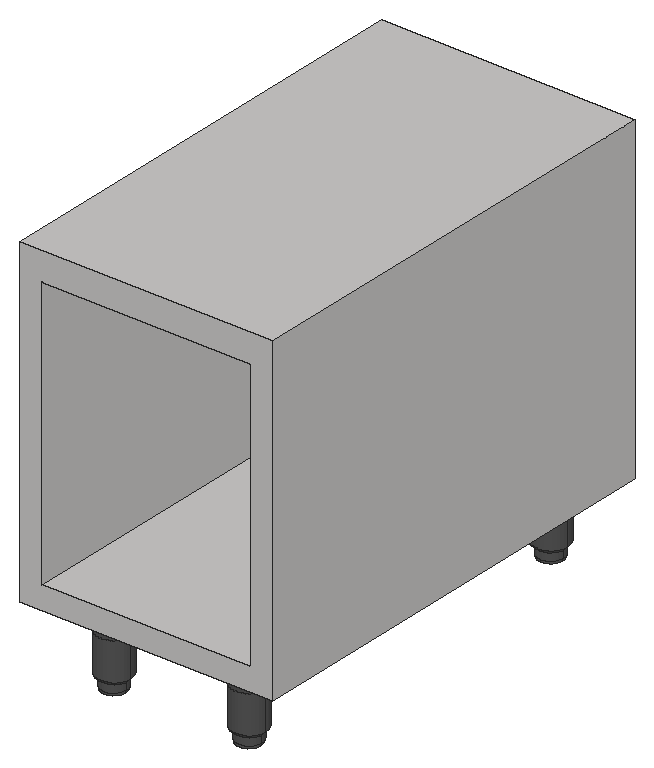
Revit family "QF_CAPIC_CELTIC_W383021", category Equipement spécialisé, Revit 2018
Family settings
  Cote de connecteur circulaire = Utiliser le diamètre
  Type d'élément = Normal
  Numéro OmniClass = 23.40.40.14
  Titre OmniClass = Food Service Equipment
  Basée sur le plan de construction = Non
  Toujours verticalement = Oui
  Couper avec des vides une fois chargée = Non
  Partagée = Non
  Point de calcul de pièce = Non
Parameters (values of type "L=400mm")
  URL catalogue = "http://www.capic-fr.com/fr/"
  Type de Raccord Plomberie [instance] = ""
  Type de Raccord Electrique [instance] = ""
  Type de Gaz = ""
  Type article [instance] = ""
  Tension = 0 V
  Spécification du Fabricant = ""
  Show Logo = yes
  Remarques evacuation [instance] = ""
  Remarques Plomberie [instance] = ""
  Remarques Electricité [instance] = ""
  Puissance électrique  = 0 W
  Puissance Gaz kW = 0
  Profondeur hors tout = 716 mm
  Pression Maximum Eau Adoucie = 0.0 Pa
  Poids net à vide = 44.00 kg
  Phase = 0
  Modèle = "W383021"
  Longueur hors tout = 400 mm
  Intensité nominale = 0 A
  Hauteur hors tout = 630 mm
  Hauteur de Raccordement du Sol Finis = 0 mm
  Hauteur de Raccordement Gaz du Sol Finis = 0 mm
  Hauteur de Raccordement Evacuation Directe du Sol Finis = 0 mm
  Hauteur de Raccordement Eau Froide du Sol Finis = 0 mm
  Hauteur de Raccordement Eau Chaude du Sol Finis = 0 mm
  Hauteur de Raccordement Eau Adoucie du Sol Finis = 0 mm
  Fréquence = 0 Hz
  Fabricant = "CAPIC"
  Débit d'air d'extraction = 0.0 m³/h
  Débit Gaz = 0.0 L/s
  Débit Eau Froide = 0.0 L/s
  Débit Eau Chaude = 0.0 L/s
  Débit Eau Adoucie = 0.0 L/s
  Diamètre de Raccordement Gaz = 0 mm
  Diamètre de Raccordement Evacuation = 0 mm
  Diamètre de Raccordement Eau Froide = 0 mm
  Diamètre de Raccordement Eau Chaude = 0 mm
  Diamètre de Raccordement Eau Adoucie = 0 mm
  Description = "Placard Ouvert"
  Assembly Code = ""
  Classification  Omniclass nombre et titre = "23.40.40.14"
Reference planes
  plane 1 "Centre (avant/arrière)": y = 0
  plane 2: z = 0
  plane 3 "Centre (gauche/droite)": x = 0
  plane 4 "Centre G/E": y = 0
  plane 5: y = -838
  plane 6: x = 400
  plane 7: x = 398
  plane 8: x = 2
  plane 9: x = 365
  plane 10: x = 357
  plane 11: y = -820
  plane 12: z = 141
  plane 13: x = 43
  plane 14: x = 35
  plane 15: y = -182
  plane 16: z = 621
  plane 17: z = 120
  plane 18: y = -122
  plane 19 "Centre G/G": y = -89
Forms (mm)
  Extrusion 1, solid, material "QF_Stainless Steel-Brushed"
    sketch origin (1480, 0, 0) x (1, 0, 0) y (0, 0, 1)
      loop
        line (-1480, 630) -> (-1480, 120) -> (-1080, 120) -> (-1080, 630) -> (-1480, 630)
    from 838 to 122
  Extrusion 2, void
    sketch origin (1480, 0, 0) x (1, 0, 0) y (0, 0, 1)
      loop
        line (-1445, 155.456) -> (-1115, 155.456) -> (-1115, 585.456) -> (-1445, 585.456) -> (-1445, 155.456)
    from 838 to 182
  Extrusion 3, void
    sketch origin (1480, 0, 0) x (1, 0, 0) y (0, 1, 0)
      loop
        line (-1445, -131.5) -> (-1445, -820) -> (-1115, -820) -> (-1115, -131.5) -> (-1445, -131.5)
    from 120 to 141
Cuts and joins
  Extrusion 2, Extrusion 3 cuts Extrusion 1
Dimensions and locks
  locked: plane 9 to plane 6 at 35
  "Profondeur hors tout": plane 5 to plane 18
  locked: plane 7 to plane 6 at 2
  locked: plane 3 "Centre (gauche/droite)" to plane 8 at 2
  "Longueur hors tout": plane 3 "Centre (gauche/droite)" to plane 6
  locked: plane 3 "Centre (gauche/droite)" to plane 14 at 35
  locked: plane 11 to plane 5 at 18
  locked: plane 15 to plane 5 at 656
  plane 12 to plane 17 to plane 2 = 21 mm locked, 120 mm locked
  aligned and locked: level to plane 2
  aligned and locked: Extrusion 1 to Extrusion 2
  aligned and locked: cut or joined group of Extrusion 1, Extrusion 2, Extrusion 3 to plane 5
  aligned and locked: nested 1 to plane 12
  aligned and locked: nested 2 to plane 12
  aligned and locked: nested 2 to plane 11
  aligned and locked: nested 2 to plane 13
  aligned and locked: nested 1 to plane 13
  aligned and locked: nested 3 to plane 10
  aligned and locked: nested 4 to plane 10
  aligned and locked: nested 4 to plane 11
  aligned and locked: Extrusion 3 to plane 11
  aligned and locked: plane 15 to cut or joined group of Extrusion 1, Extrusion 2, Extrusion 3
  aligned and locked: plane 18 to cut or joined group of Extrusion 1, Extrusion 2, Extrusion 3
Automatic sketch dimensions
  Extrusion 1 sketch curve to plane 3 "Centre (gauche/droite)" = 0 mm
  Extrusion 1 sketch curve to plane 6 = 0 mm
  level to Extrusion 1 sketch curve = 120 mm
  Extrusion 1 sketch curve to Extrusion 1 sketch curve = 510 mm
  Extrusion 2 sketch curve to plane 9 = 0 mm
  level to Extrusion 2 sketch curve = 155.456 mm
  Extrusion 2 sketch curve to Extrusion 2 sketch curve = 430 mm
  Extrusion 3 sketch curve to plane 9 = 0 mm
  plane 1 "Centre (avant/arrière)" to Extrusion 3 sketch curve = 131.5 mm
  Extrusion 2 sketch curve to plane 8 = 33 mm
  Extrusion 3 sketch curve to plane 8 = 33 mm
  Extrusion 3 sketch curve to plane 11 = 0 mm
Nested families
  nested 1: "QF_Details_Pied" at (93, -223, 0), type "QF_Details_Pied"
  nested 2: "QF_Details_Pied" at (93, -820, 0), type "QF_Details_Pied"
  nested 3: "QF_Details_Pied" at (307, -223, 0), type "QF_Details_Pied"
  nested 4: "QF_Details_Pied" at (307, -820, 0), type "QF_Details_Pied"
Definition of nested family "QF_Details_Pied"
  Reference planes
    plane 1 "Centre (avant/arrière)": y = 0
    plane 2: z = 0
    plane 3 "Centre (gauche/droite)": x = 0
  Forms (mm)
    Extrusion 1, solid
      sketch origin (-137.492, 51.5, -340.756) x (1, 0, 0) y (0, 0, 1)
        loop
          line (87.492, 481.756) -> (87.492, 472.756) -> (187.492, 472.756) -> (187.492, 481.756) -> (87.492, 481.756)
      from -40 to 40
    Revolve 2, solid
      sketch origin (0, 51.5, -9) x (1, 0, 0) y (0, 0, 1)
        loop
          line (0, 141) -> (0, 9) -> (19.21, 9) -> (19.21, 13) -> (20.21, 13) -> (20.21, 26) -> (21.71, 26) -> (26.66, 30.95) -> (26.66, 90.95) -> (31.468, 136.698) -> (36.246, 141) -> (0, 141)
        axis (0, 141) -> (0, 9)
      angle from 0 to 360
  Dimensions and locks
    aligned and locked: level to plane 2
    aligned and locked: Extrusion 1 to Revolve 2 sketch curve
